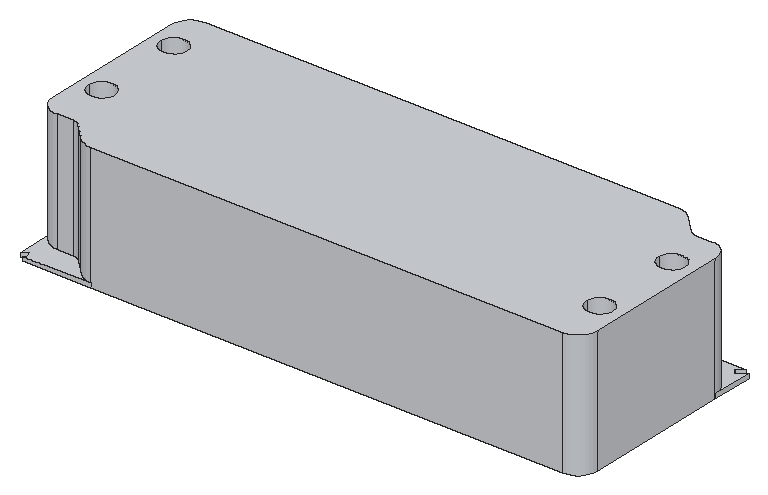
Revit family "XD70010.1", category Luminarias, Revit 2019
Family settings
  Cota de conector redondo = Diámetro de uso
  Tipo de pieza = Normal
  Se basa en plano de trabajo = Sí
  Siempre vertical = No
  Corte con vacíos al cargar = No
  Origen de luz = No
  Compartido = Sí
  Punto de cálculo de habitación = No
Parameters (values of type "FUENTE_XD70010.1")
  Keynote = ""
  Modelo = "XD70010.1"
  Lamp = ""
  Fabricante = "BRILLANT"
  Default Elevation = 1219.2 mm
  Descripción = "FUENTE DE ALIMENTACION DIMEABLE CON UNA CAPACIDAD DE 10.5W, ALIMENTACION ENTRADA 100-130VAC/50-60Hz, SALIDA 9-15VDC, 0.13mA, IP 20"
  Comentarios de vataje = "9-15V//100-130V"
Reference planes
  plane 1 "Centro (Frontal/Posterior)": y = 0
  plane 2: z = 0
  plane 3 "Centro (Izquierda/Derecha)": x = 0
  plane 4: x = -72
  plane 5: x = 72
  plane 6: y = 27
  plane 7: y = -27
  plane 8: z = 32
Forms (mm)
  Extrusion 1, solid
    sketch origin (0, 0, 0) x (1, 0, 0) y (0, 1, 0)
      loop
        line (72, 15.446) -> (72, 26.043) -> (69.744, 24.463) -> (68.845, 25.748) -> (70.633, 27) -> (53.197, 27)
        arc (53.197, 27) -> (55.455, 26.407) -> (57.373, 25.078) r 6.72
        line (57.373, 25.078) -> (61.426, 21.025)
        arc (61.426, 21.025) -> (62.177, 20.661) -> (62.984, 20.446) r 4.349
        line (62.984, 20.446) -> (67, 20.446)
        arc (67, 20.446) -> (70.536, 18.981) -> (72, 15.446) r 5
      loop
        line (-72, -15.446) -> (-72, -26.043) -> (-70.688, -25.124) -> (-69.789, -26.409) -> (-70.633, -27) -> (-53.197, -27)
        arc (-53.197, -27) -> (-55.457, -26.413) -> (-57.373, -25.078) r 6.628
        line (-57.373, -25.078) -> (-61.426, -21.025)
        arc (-61.426, -21.025) -> (-62.177, -20.661) -> (-62.984, -20.446) r 4.349
        line (-62.984, -20.446) -> (-67, -20.446)
        arc (-67, -20.446) -> (-70.536, -18.981) -> (-72, -15.446) r 5
    from 0 to 1.098
  Extrusion 2, solid
    sketch origin (0, 0, 0) x (1, 0, 0) y (0, 1, 0)
      loop
        arc (-67, 27) -> (-70.536, 25.536) -> (-72, 22) r 5
        line (-72, 22) -> (-72, -15.446)
        arc (-72, -15.446) -> (-70.536, -18.981) -> (-67, -20.446) r 5
        line (-67, -20.446) -> (-62.984, -20.446)
        arc (-62.984, -20.446) -> (-62.177, -20.661) -> (-61.426, -21.025) r 4.349
        line (-61.426, -21.025) -> (-57.373, -25.078)
        arc (-57.373, -25.078) -> (-55.455, -26.407) -> (-53.197, -27) r 6.72
        line (-53.197, -27) -> (67, -27)
        arc (67, -27) -> (70.536, -25.536) -> (72, -22) r 5
        line (72, -22) -> (72, 15.446)
        arc (72, 15.446) -> (70.536, 18.981) -> (67, 20.446) r 5
        line (67, 20.446) -> (62.984, 20.446)
        arc (62.984, 20.446) -> (62.177, 20.661) -> (61.426, 21.025) r 4.349
        line (61.426, 21.025) -> (57.373, 25.078)
        arc (57.373, 25.078) -> (55.455, 26.407) -> (53.197, 27) r 6.72
        line (53.197, 27) -> (-67, 27)
    from 0 to 32
  Extrusion 3, void
    sketch origin (0, 0, 0) x (1, 0, 0) y (0, 1, 0)
      loop
        circle (-66.139, 15.641) r 3.386
      loop
        circle (-66.139, -7.35) r 3.386
      loop
        circle (66.139, 9.087) r 3.386
      loop
        circle (66.139, -13.904) r 3.386
    from 28.426 to 32
Cuts and joins
  Extrusion 3 cuts Extrusion 2
Dimensions and locks
  equal spacing: plane 4, plane 3 "Centro (Izquierda/Derecha)", plane 5
  plane 4 to plane 3 "Centro (Izquierda/Derecha)" = 72 mm
  plane 4 to plane 5 = 144 mm
  equal spacing: plane 6, plane 1 "Centro (Frontal/Posterior)", plane 7
  plane 8 to level = 32 mm
  plane 1 "Centro (Frontal/Posterior)" to plane 6 = 27 mm
  plane 6 to plane 7 = 54 mm
  plane 5 to plane 4 = 144 mm
  aligned and locked: level to plane 2
  aligned and locked: plane 8 to Extrusion 2
  aligned and locked: plane 8 to Extrusion 3
Automatic sketch dimensions
  Extrusion 2 sketch curve to plane 4 = 0 mm
  Extrusion 2 sketch curve to plane 6 = 0 mm
  Extrusion 2 sketch curve to plane 7 = 0 mm
  Extrusion 2 sketch curve to plane 5 = 0 mm
  plane 4 to Extrusion 2 sketch curve = 5 mm  (x2)
  plane 7 to Extrusion 2 sketch curve = 2.263 mm
  Extrusion 2 sketch curve to Extrusion 2 sketch curve = 3.306 mm
  Extrusion 2 sketch curve to Extrusion 2 sketch curve = 4.016 mm  (x2)
  Extrusion 2 sketch curve to Extrusion 2 sketch curve = 1.558 mm  (x2)
  plane 7 to Extrusion 2 sketch curve = 1.922 mm
  Extrusion 2 sketch curve to Extrusion 2 sketch curve = 4.053 mm  (x3)
  Extrusion 2 sketch curve to Extrusion 2 sketch curve = 4.176 mm  (x2)
  plane 7 to Extrusion 2 sketch curve = 6.697 mm
  Extrusion 2 sketch curve to Extrusion 2 sketch curve = 4.728 mm
  Extrusion 2 sketch curve to Extrusion 2 sketch curve = 2.268 mm
  Extrusion 2 sketch curve to plane 5 = 5 mm
  Extrusion 2 sketch curve to Extrusion 2 sketch curve = 3.711 mm
  Extrusion 2 sketch curve to plane 6 = 11.554 mm
  Extrusion 2 sketch curve to Extrusion 2 sketch curve = 0.143 mm
  Extrusion 2 sketch curve to Extrusion 2 sketch curve = 0.58 mm
  Extrusion 1 sketch curve to plane 4 = 0 mm  (x2)
  Extrusion 1 sketch curve to plane 7 = 0 mm
  Extrusion 1 sketch curve to plane 6 = 0 mm
  Extrusion 1 sketch curve to plane 5 = 0 mm  (x2)
  plane 4 to Extrusion 1 sketch curve = 1.312 mm
  plane 4 to Extrusion 1 sketch curve = 1.367 mm
  plane 7 to Extrusion 1 sketch curve = 0.591 mm
  Extrusion 1 sketch curve to Extrusion 1 sketch curve = 0.845 mm
  plane 4 to Extrusion 1 sketch curve = 5 mm
  plane 7 to Extrusion 1 sketch curve = 2.263 mm
  Extrusion 1 sketch curve to Extrusion 1 sketch curve = 3.306 mm
  Extrusion 1 sketch curve to Extrusion 1 sketch curve = 2.268 mm
  Extrusion 1 sketch curve to Extrusion 1 sketch curve = 8.74 mm
  Extrusion 1 sketch curve to plane 6 = 6.697 mm
  Extrusion 1 sketch curve to plane 5 = 19.354 mm
  Extrusion 1 sketch curve to Extrusion 1 sketch curve = 0.552 mm
  Extrusion 1 sketch curve to plane 6 = 1.922 mm
  Extrusion 1 sketch curve to Extrusion 1 sketch curve = 4.053 mm  (x2)
  Extrusion 1 sketch curve to Extrusion 1 sketch curve = 1.558 mm  (x2)
  Extrusion 1 sketch curve to plane 6 = 2.263 mm
  Extrusion 1 sketch curve to Extrusion 1 sketch curve = 0.71 mm
  Extrusion 1 sketch curve to plane 5 = 5 mm
  Extrusion 1 sketch curve to plane 6 = 1.252 mm
  Extrusion 1 sketch curve to plane 5 = 3.155 mm
  Extrusion 1 sketch curve to Extrusion 1 sketch curve = 0.899 mm
  Extrusion 1 sketch curve to plane 5 = 1.367 mm
  Extrusion 1 sketch curve to Extrusion 1 sketch curve = 3.711 mm
  plane 7 to Extrusion 1 sketch curve = 6.608 mm
  Extrusion 1 sketch curve to Extrusion 1 sketch curve = 9.018 mm
  plane 7 to Extrusion 1 sketch curve = 1.922 mm
  Extrusion 1 sketch curve to Extrusion 1 sketch curve = 9.678 mm
  Extrusion 1 sketch curve to Extrusion 1 sketch curve = 0 mm
  plane 4 to Extrusion 3 sketch curve = 5.861 mm  (x2)
  Extrusion 3 sketch curve to plane 5 = 5.861 mm  (x2)
  plane 1 "Centro (Frontal/Posterior)" to Extrusion 3 sketch curve = 7.35 mm
  plane 1 "Centro (Frontal/Posterior)" to Extrusion 3 sketch curve = 13.904 mm
  Extrusion 3 sketch curve to plane 6 = 17.913 mm
  Extrusion 3 sketch curve to plane 6 = 11.359 mm
  radius of Extrusion 3 sketch curve = 3.386 mm  (x4)
Connectors
  electrical at (72, -3.277, 16)
    settings: on Extrusion 2, index 1, voltage 130 V, apparent load 0 VA, apparent load phase1 0 VA, apparent load phase2 0 VA, apparent load phase3 0 VA, power factor 1, load classification "Otro", number of poles 1, system type 31, power factor state 1, is connector primary yes, connector utility no, sub classification motor no, connector description ""
  electrical at (-72, 3.277, 16)
    settings: on Extrusion 2, index 2, voltage 15 V, apparent load 0 VA, apparent load phase1 0 VA, apparent load phase2 0 VA, apparent load phase3 0 VA, power factor 1, load classification "Otro", number of poles 1, system type 31, power factor state 1, is connector primary no, connector utility no, sub classification motor no, connector description ""
